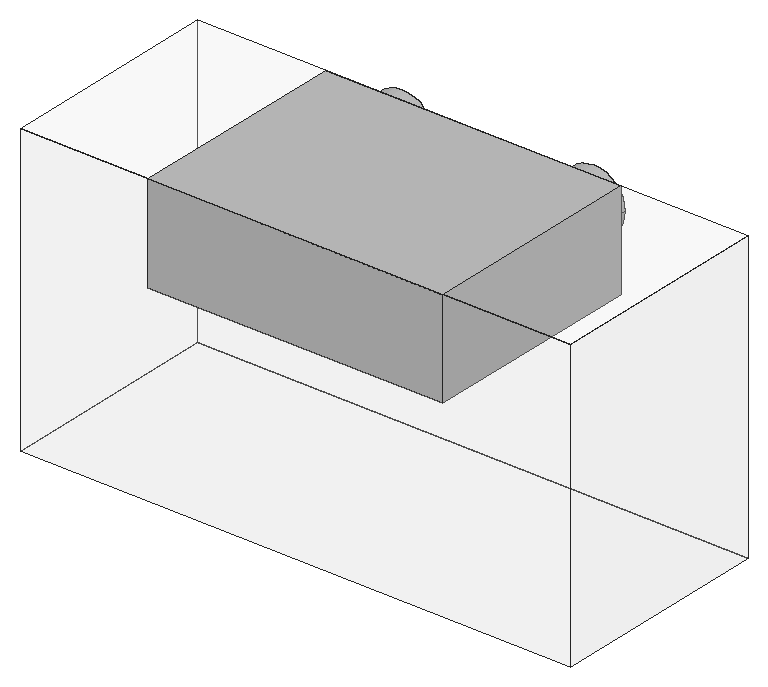
Revit family "sch-40_50exc_60Hz", category 機械設備, Revit 2019
Family settings
  丸型コネクタ寸法 = 直径を使用
  パーツ タイプ = 標準
  OmniClass 番号 = 23.75.10.34.21
  OmniClass タイトル = Heat Exchangers for Ventilation Air
  作業面ベース = いいえ
  常に垂直 = はい
  ロード時にボイドで切り取り = いいえ
  共有 = いいえ
  部屋計算ポイント = はい
Parameters (values of type "SCH-40EXC")
  騒音レベル(dB(A)) = 39
  風量 = 400.0 m³/h
  面風速 = 3.54 m/s
  電源種別 [instance] = "一般"
  電圧 = 100 V
  電動機出力 = 0 W
  集中コントローラ = ""
  運転質量 = 0.00 kg
  連動 [instance] = ""
  質量 = if(製品質量 > 運転質量, 製品質量, 運転質量) * 1.2  # 34.80 kg
  負荷分類 = 3_ファン類
  説明 = "学校用ロスナイ 天吊露出形"
  設計風量 = 0.0 m³/h
  設置方法 = "天吊露出形"
  記号 [instance] = ""
  製造元 = "三菱電機株式会社"
  製品質量 = 29.00 kg
  製品出荷対象 = "国内"
  製品リリース年月 = "2021/4/20"
  製品グループ = ""
  系統 [instance] = ""
  符号 = "HEU"
  積算_科目 = "1 空気調和設備"
  積算_拾い区分 [instance] = ""
  相 = 1
  盤記号 [instance] = ""
  発停方法 [instance] = "別売リモコン"
  特殊仕様 [instance] = ""
  火災停止 [instance] = ""
  温度交換効率 = 60.00%
  消費電力 = 159 W
  法定耐用年数 = "15"
  機外静圧_排気 = 40.0 Pa
  機外静圧 = 40.0 Pa
  極数 = 2
  材質 [instance] = ""
  本体マテリアル = none
  操作・制御方式 = ""
  操作・制御スイッチ = ""
  排気量 = 0.0 m³/h
  形式 = "天吊露出形"
  幹線記号 [instance] = ""
  対象室 [instance] = ""
  実風量 = 0.0 m³/h
  始動方式 [instance] = "直入"
  外気量 = 0.0 m³/h
  呼称 = "全熱交換ユニット"
  周波数 = 60 Hz
  天吊金具ピッチ2 = 495 mm
  天吊金具ピッチ1 = 845 mm
  天吊金具_D = 68 mm
  参照している仕様書等のバージョン = ""
  初期抵抗 = 0.0 Pa
  分類コード = "50052504100060"
  分類グループ = ""
  価格 = 434000
  企業コード = "108420"
  付属品_フィルター_還気 = ""
  付属品_フィルター = ""
  付属品 [instance] = ""
  仕様書バージョン = "Version1.0"
  モデル = "SCH-40EXC"
  メンテナンススペース = yes
  コメント [instance] = ""
  Keynote = ""
  エンタルピ交換効率_暖房 = 45.00%
  エンタルピ交換効率_冷房 = 40.00%
  Assembly Code = ""
  Width = 922 mm
  Version = ""
  Uniclass2015Version = "Systems v1.9"
  Uniclass2015Title = "Thermal wheels"
  Uniclass2015Code = "Pr_60_60_36_88"
  URL = "https://www.mitsubishielectric.co.jp/ldg/wink/ssl/displayProduct.do?pid=311791"
  SpecificationReference = ""
  SpecificationDescription = ""
  MID風量 = 200.0 m³/h
  MID静圧 = 10.0 Pa
  Duct_W = 150 mm
  SAサイズ_D = 0 mm
  Revision = ""
  RAサイズ_D = 0 mm
  ProductInformation = ""
  OmniClassCode = "23-27 23 19 11"
  OAサイズ_W = 0 mm
  OAサイズ_D = 192 mm
  MIN風量 = 155.0 m³/h
  MIN静圧 = 6.0 Pa
  MAX風量 = 400.0 m³/h
  MAX静圧 = 40.0 Pa
  IfcTypeProduct = ""
  IfcProduct = ""
  IfcExportType = "ROTARYWHEEL"
  IfcExportAs = "IfcAirToAirHeatRecoveryType"
  Height = 304 mm
  EAサイズ_W = 0 mm
  EAサイズ_D = 192 mm
  Duct_Pitch = 600 mm
  Duct_Height = 127.5 mm
  Duct_Depth = 85 mm
  Depth = 693 mm
  Clearance Top = 0 mm
  Clearance Left = 400 mm
  Clearance Right = 400 mm
  Clearance Bottom = 600 mm
  Author = "三菱電機株式会社"
Types (2, lengths in mm): name | 騒音レベル(dB(A)) | 風量 | 面風速 | 質量 | 製品質量 | 温度交換効率 | 消費電力 | 機外静圧_排気 | 機外静圧 | 天吊金具ピッチ2 | 価格 | モデル | エンタルピ交換効率_暖房 | エンタルピ交換効率_冷房 | URL | MID風量 | MID静圧 | MIN静圧 | MAX風量 | MAX静圧 | Height | Duct_Height | Depth
  SCH-40EXC | 39 | 400.0 m³/h | 3.54 m/s | 34.80 kg | 29.00 kg | 60.00% | 159 W | 40.0 Pa | 40.0 Pa | 495 | 434000 | "SCH-40EXC" | 45.00% | 40.00% | "https://www.mitsubishielectric.co.jp/ldg/wink/ssl/displayProduct.do?pid=311791" | 200.0 m³/h | 10.0 Pa | 6.0 Pa | 400.0 m³/h | 40.0 Pa | 304 | 127.5 | 693
  SCH-50EXC | 39.5 | 500.0 m³/h | 4.42 m/s | 45.60 kg | 38.00 kg | 74.00% | 227 W | 60.0 Pa | 60.0 Pa | 710 | 514000 | "SCH-50EXC" | 62.00% | 58.00% | "https://www.mitsubishielectric.co.jp/ldg/wink/ssl/displayProduct.do?pid=311788" | 300.0 m³/h | 22.0 Pa | 5.8 Pa | 500.0 m³/h | 60.0 Pa | 338 | 135 | 900
Reference planes
  plane 1 "中心(正面/背面)": y = 0
  plane 2: z = 0
  plane 3 "中心(左/右)": x = 0
  plane 4: x = -461
  plane 5: x = 461
  plane 6: y = 346.5
  plane 7: y = -346.5
  plane 8: z = -304
  plane 9: z = -127.5
  plane 10: x = -289
  plane 11: x = 311
  plane 12: x = -861
  plane 13: x = -422.5
  plane 14: x = 422.5
  plane 15: y = 278.5
  plane 16: y = -216.5
  plane 17: x = -390.5
  plane 18: x = 390.5
  plane 19: y = 431.5
  plane 20: x = 861
  plane 21: z = 0
  plane 22: z = -904
Forms (mm)
  Extrusion 1, solid, material <- "本体マテリアル", detail levels fine
    sketch origin (0, 0, 0) x (1, 0, 0) y (0, 1, 0)
      loop
        line (-461, 346.5) -> (-461, -346.5) -> (461, -346.5) -> (461, 346.5) -> (-461, 346.5)
    from 0 to -304
  Extrusion 2, solid, material <- "本体マテリアル", detail levels fine
    sketch origin (510, -445, 0) x (-1, 0, 0) y (0, 0, -1)
      loop
        circle (199, 127.5) r 96
    from -791.5 to -876.5
  Extrusion 3, solid, material <- "本体マテリアル", detail levels fine
    sketch origin (-510, -445, 0) x (1, 0, 0) y (0, 0, 1)
      loop
        circle (221, -127.5) r 96
    from -791.5 to -876.5
Lines and regions (mm)
  Masking region 1, detail levels coarse+medium
    outline origin (1326.5, 29, 0) x (1, 0, 0) y (0, 1, 0)
      loop
        line (-1787.5, 317.5) -> (-1787.5, -375.5) -> (-865.5, -375.5) -> (-865.5, 317.5) -> (-1787.5, 317.5)
  symbolic lines, detail levels coarse+medium
    curve 1: line (0, 346.5, 0) -> (-461, 0, 0)
    curve 2: line (-461, 0, 0) -> (0, -346.5, 0)
    curve 3: line (0, -346.5, 0) -> (461, 0, 0)
    curve 4: line (461, 0, 0) -> (0, 346.5, 0)
Dimensions and locks
  equal spacing: plane 4, plane 3 "中心(左/右)", plane 5
  "Width": plane 4 to plane 5
  equal spacing: plane 6, plane 1 "中心(正面/背面)", plane 7
  "Depth": plane 6 to plane 7
  "Height": level to plane 8
  "Duct_Height": level to plane 9
  "Duct_Pitch": plane 11 to plane 10
  "Clearance Left": plane 12 to plane 4
  equal spacing: plane 13, plane 3 "中心(左/右)", plane 14
  "天吊金具ピッチ1": plane 13 to plane 14
  "天吊金具ピッチ2": plane 15 to plane 16
  "Duct_W": plane 5 to plane 11
  "天吊金具_D": plane 6 to plane 15
  "Clearance Right": plane 5 to plane 20
  "Clearance Top": level to plane 21
  "Duct_Depth": plane 6 to plane 19
  "Clearance Bottom": plane 8 to plane 22
  "OAサイズ_D": diameter of Extrusion 2 sketch curve
  "EAサイズ_D": diameter of Extrusion 3 sketch curve
  aligned and locked: level to plane 2
  aligned and locked: Extrusion 1 to plane 8
  aligned and locked: Masking region 1 to plane 4
  aligned and locked: plane 5 to Masking region 1
  aligned and locked: plane 6 to Masking region 1
  aligned and locked: Masking region 1 to plane 7
  aligned and locked: plane 14 to nested 1
  aligned and locked: plane 13 to nested 1
  aligned and locked: nested 1 to plane 16
  aligned and locked: plane 15 to nested 1
  aligned and locked: Extrusion 3 to plane 19
  aligned and locked: Extrusion 3 to plane 6
  aligned and locked: Extrusion 2 to Extrusion 3
  aligned and locked: Extrusion 2 to plane 6
  aligned and locked: plane 20 to nested 2
  aligned and locked: plane 12 to nested 2
  aligned and locked: nested 2 to plane 6
  aligned and locked: nested 2 to plane 7
  aligned and locked: nested 2 to plane 22
  aligned and locked: plane 21 to nested 2
Automatic sketch dimensions
  plane 1 "中心(正面/背面)" to curve 1 = 0 mm
  curve 1 to plane 4 = 0 mm
  curve 2 to plane 3 "中心(左/右)" = 0 mm
  curve 4 to plane 3 "中心(左/右)" = 0 mm
  plane 1 "中心(正面/背面)" to curve 4 = 0 mm
  curve 4 to plane 5 = 0 mm
  curve 2 to plane 7 = 0 mm
  curve 4 to plane 6 = 0 mm
  Extrusion 1 sketch curve to plane 4 = 0 mm
  Extrusion 1 sketch curve to plane 5 = 0 mm
  Extrusion 1 sketch curve to plane 7 = 0 mm
  Extrusion 1 sketch curve to plane 6 = 0 mm
  Extrusion 2 sketch curve to plane 9 = 0 mm
  Extrusion 2 sketch curve to plane 11 = 0 mm
  Masking region 1 sketch curve to plane 4 = 0 mm
  Masking region 1 sketch curve to plane 5 = 0 mm
  Masking region 1 sketch curve to plane 7 = 0 mm
  Masking region 1 sketch curve to plane 6 = 0 mm
  Extrusion 3 sketch curve to plane 9 = 0 mm
  Extrusion 3 sketch curve to plane 10 = 0 mm
Nested families
  nested 1: "固定点" at (-422.5, -216.5, 0), type "固定点"
    with W 845 mm, D 495 mm
  nested 2: "メンテナンススペース" at (0, 0, -452), visible <- "メンテナンススペース", type "メンテナンススペース"
    with Width 1722 mm, Height 904 mm, Depth 693 mm
Connectors
  hvac at (311, 431.5, -127.5), driven by "OAサイズ_D", driven by "機外静圧", driven by "風量"
    settings: on Extrusion 2, index 2, duct flow 400.0 m³/h, flow factor 0, pres drop 40.0 Pa, loss coef 0, conn angle 0.00°, conn width 304.8 mm, conn height 304.8 mm, conn diameter 192 mm, duct sys type 4, conn prof type 0, flow config 0, flow direction 1, loss method 4, conn ref index -1, conn util no, is conn primary yes, conn desc ""
  hvac at (-289, 431.5, -127.5), driven by "EAサイズ_D", driven by "風量", driven by "機外静圧"
    settings: on Extrusion 3, index 10, duct flow 400.0 m³/h, flow factor 0, pres drop 40.0 Pa, loss coef 0, conn angle 0.00°, conn width 304.8 mm, conn height 304.8 mm, conn diameter 192 mm, duct sys type 3, conn prof type 0, flow config 0, flow direction 2, loss method 4, conn ref index -1, conn util no, is conn primary no, conn desc ""
  electrical at (0, 0, -304), driven by "極数", driven by "負荷分類", driven by "電圧", driven by "消費電力"
    settings: on Extrusion 1, index 12, voltage 100 V, apparent load 159 VA, apparent load phase1 0 VA, apparent load phase2 0 VA, apparent load phase3 0 VA, power factor 1, load classification "3_ファン類", number of poles 2, system type 30, power factor state 1, is connector primary yes, connector utility no, sub classification motor no, connector description ""
Definition of nested family "メンテナンススペース"
  Parameters (values of type "メンテナンススペース")
    Width [instance] = 500 mm
    Height [instance] = 500 mm
    Depth [instance] = 500 mm
  Reference planes
    plane 1 "中心(正面/背面)": y = 0
    plane 2: z = 0
    plane 3 "中心(左/右)": x = 0
    plane 4: y = -250
    plane 5: x = 250
    plane 6: y = 250
    plane 7: x = -250
    plane 8: z = 250
    plane 9: z = -250
  Forms (mm)
    Extrusion 1, solid
      sketch origin (-638.939, 0, 72.39) x (1, 0, 0) y (0, 1, 0)
        loop
          line (388.939, 250) -> (388.939, -250) -> (888.939, -250) -> (888.939, 250) -> (388.939, 250)
      from -322.39 to 177.61
  Lines and regions (mm)
    symbolic lines
      curve 1: line (-250, 0, 250) -> (250, 0, 250)
      curve 2: line (-250, 0, -250) -> (-250, 0, 250)
      curve 3: line (250, 0, -250) -> (-250, 0, -250)
      curve 4: line (250, 0, 250) -> (250, 0, -250)
      curve 5: line (0, -250, 250) -> (0, 250, 250)
      curve 6: line (0, -250, -250) -> (0, -250, 250)
      curve 7: line (0, 250, -250) -> (0, -250, -250)
      curve 8: line (0, 250, 250) -> (0, 250, -250)
      curve 9: line (-250, 250, 0) -> (250, 250, 0)
      curve 10: line (-250, -250, 0) -> (-250, 250, 0)
      curve 11: line (250, -250, 0) -> (-250, -250, 0)
      curve 12: line (250, 250, 0) -> (250, -250, 0)
  Dimensions and locks
    equal spacing: plane 7, plane 3 "中心(左/右)", plane 5
    equal spacing: plane 4, plane 1 "中心(正面/背面)", plane 6
    "Depth": plane 4 to plane 6
    "Width": plane 7 to plane 5
    equal spacing: plane 8, plane 2, plane 9
    "Height": plane 8 to plane 9
    aligned and locked: plane 9 to curve 3
    aligned and locked: plane 7 to curve 2
    aligned and locked: curve 4 to plane 5
    aligned and locked: plane 5 to Extrusion 1
    aligned and locked: Extrusion 1 to plane 7
    aligned and locked: Extrusion 1 to plane 9
    aligned and locked: plane 8 to Extrusion 1
    aligned and locked: plane 9 to curve 7
  Automatic sketch dimensions
    plane 4 to Extrusion 1 sketch curve = 0 mm
    Extrusion 1 sketch curve to plane 7 = 0 mm
    Extrusion 1 sketch curve to plane 5 = 0 mm
    plane 6 to Extrusion 1 sketch curve = 0 mm
    curve 2 to plane 8 = 0 mm
    plane 4 to curve 11 = 0 mm
    curve 11 to plane 7 = 0 mm
    curve 11 to plane 5 = 0 mm
    plane 6 to curve 10 = 0 mm
    curve 7 to plane 4 = 0 mm
    curve 7 to plane 6 = 0 mm
    curve 6 to plane 8 = 0 mm
Definition of nested family "固定点"
  Parameters (values of type "固定点")
    中心円 = 20 mm
    W [instance] = 1000 mm
    D [instance] = 1000 mm
  Reference planes
    plane 1 "中心(正面/背面)": y = 0
    plane 2: z = 0
    plane 3 "中心(左/右)": x = 0
    plane 4: x = 1000
    plane 5: y = 1000
  Lines and regions (mm)
    symbolic lines, detail levels fine
      curve 1: circle (0, 1000, 0) r 10 normal (0, 0, 1)
      curve 2: circle (0, 0, 0) r 10 normal (0, 0, 1)
      curve 3: circle (1000, 1000, 0) r 10 normal (0, 0, 1)
      curve 4: circle (1000, 0, 0) r 10 normal (0, 0, 1)
      curve 5: line (-200, 1000, 0) -> (1200, 1000, 0)
      curve 6: line (-200, 0, 0) -> (1200, 0, 0)
      curve 7: line (0, 1200, 0) -> (0, -200, 0)
      curve 8: line (1000, 1200, 0) -> (1000, -200, 0)
  Dimensions and locks
    "W": plane 3 "中心(左/右)" to plane 4
    "D": plane 1 "中心(正面/背面)" to plane 5
    "中心円": diameter of curve 1
    "中心円": diameter of curve 2
    "中心円": diameter of curve 3
    "中心円": diameter of curve 4
    aligned and locked: level to plane 2
    aligned and locked: plane 5 to curve 1
    aligned and locked: plane 3 "中心(左/右)" to curve 1
    aligned and locked: plane 3 "中心(左/右)" to curve 2
    aligned and locked: plane 1 "中心(正面/背面)" to curve 2
    aligned and locked: plane 4 to curve 3
    aligned and locked: plane 5 to curve 3
    aligned and locked: plane 1 "中心(正面/背面)" to curve 4
    aligned and locked: plane 4 to curve 4
    aligned and locked: plane 1 "中心(正面/背面)" to curve 6
    aligned and locked: curve 7 to plane 3 "中心(左/右)"
    aligned and locked: curve 8 to plane 4
  Automatic sketch dimensions
    curve 5 to plane 5 = 0 mm
    curve 6 to plane 3 "中心(左/右)" = 200 mm
    curve 5 to plane 3 "中心(左/右)" = 200 mm
    curve 4 to curve 6 = 200 mm
    curve 3 to curve 5 = 200 mm
    plane 1 "中心(正面/背面)" to curve 8 = 200 mm
    plane 1 "中心(正面/背面)" to curve 7 = 200 mm
    curve 3 to curve 8 = 200 mm
    curve 1 to curve 7 = 200 mm
